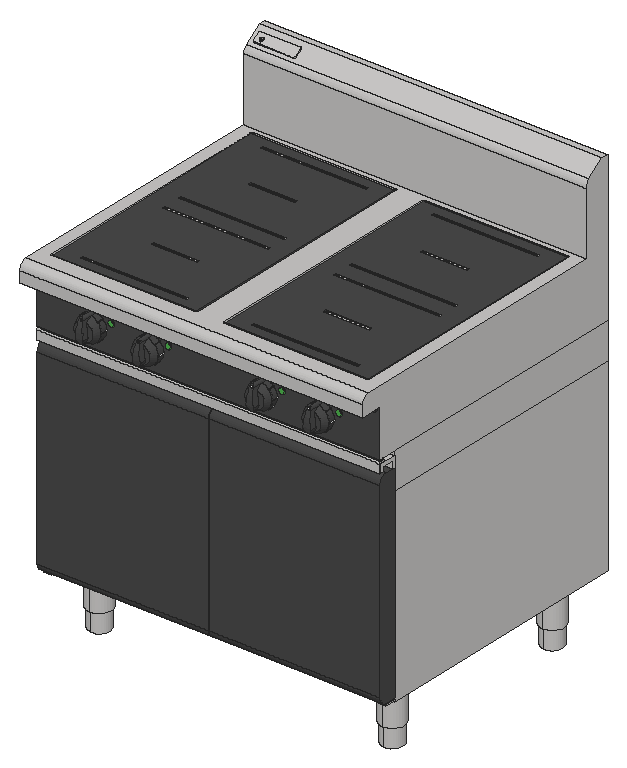
Revit family "QF_Moffat_INB8400R3-CD_Induction_Cooktop_cat", category Specialty Equipment, Revit 2019 (continued)
Definition of nested family "QF_LOGO_Waldorf"
  Lines and regions (mm)
    Split face 1
      outline origin (0, -1.881, 2.589) x (1, 0, 0) y (0, 0.809017, 0.587785)
        loop
          spline (35.637, 16.975) -> (35.523, 16.334) -> (35.41, 15.697) -> (35.296, 15.063) -> (35.182, 14.433) -> (35.068, 13.807) -> (34.954, 13.185) -> (34.84, 12.566) -> (34.726, 11.952) -> (34.612, 11.342) -> (34.497, 10.737) -> (34.383, 10.135) -> (34.269, 9.538)
          spline (34.269, 9.538) -> (34.138, 10.135) -> (34.008, 10.737) -> (33.877, 11.342) -> (33.746, 11.952) -> (33.616, 12.566) -> (33.485, 13.185) -> (33.354, 13.807) -> (33.224, 14.433) -> (33.093, 15.063) -> (32.963, 15.697) -> (32.833, 16.334) -> (32.703, 16.975)
          line (32.703, 16.975) -> (29.247, 16.975)
          spline (29.247, 16.975) -> (29.111, 16.334) -> (28.974, 15.697) -> (28.837, 15.063) -> (28.7, 14.433) -> (28.562, 13.807) -> (28.425, 13.185) -> (28.288, 12.566) -> (28.15, 11.952) -> (28.013, 11.342) -> (27.875, 10.737) -> (27.738, 10.135) -> (27.6, 9.538)
          spline (27.6, 9.538) -> (27.483, 10.135) -> (27.366, 10.737) -> (27.249, 11.342) -> (27.132, 11.952) -> (27.015, 12.566) -> (26.897, 13.185) -> (26.78, 13.807) -> (26.663, 14.433) -> (26.546, 15.063) -> (26.43, 15.697) -> (26.313, 16.334) -> (26.196, 16.975)
          line (26.196, 16.975) -> (22.129, 16.975)
    Split face 2
      outline origin (0, -1.881, 2.589) x (1, 0, 0) y (0, 0.809017, 0.587785)
        loop
          line (51.449, 5.728) -> (51.035, 6.606) -> (51.035, 11.169)
          spline (51.035, 11.169) -> (50.686, 12.42) -> (50.176, 13.224) -> (49.51, 13.708) -> (48.693, 13.995) -> (47.747, 14.152) -> (46.698, 14.207) -> (45.579, 14.186) -> (44.419, 14.114) -> (43.279, 13.929) -> (42.249, 13.481) -> (41.424, 12.614) -> (40.897, 11.169)
          line (40.897, 11.169) -> (44.617, 11.169) -> (44.988, 11.965)
          spline (44.988, 11.965) -> (47.294, 11.682) -> (46.856, 10.932) -> (45.527, 10.609) -> (43.858, 10.439) -> (42.259, 10.123) -> (41.078, 9.417) -> (40.563, 8.246) -> (40.689, 6.989) -> (41.407, 6.052) -> (42.774, 5.536) -> (44.847, 5.497) -> (47.306, 6.602)
          line (47.306, 6.602) -> (47.624, 5.728) -> (51.449, 5.728)
    Split face 3
      outline origin (0, -1.881, 2.589) x (1, 0, 0) y (0, 0.809017, 0.587785)
        loop
          line (47.264, 9.264) -> (44.938, 8.597)
          spline (44.938, 8.597) -> (44.508, 8.228) -> (44.402, 7.9) -> (44.548, 7.626) -> (44.877, 7.42) -> (45.317, 7.295) -> (45.797, 7.265) -> (46.252, 7.342) -> (46.65, 7.525) -> (46.971, 7.813) -> (47.194, 8.201) -> (47.298, 8.685) -> (47.264, 9.264)
    Split face 4
      outline origin (0, -1.881, 2.589) x (1, 0, 0) y (0, 0.809017, 0.587785)
        loop
          line (53.33, 16.975) -> (53.33, 5.728) -> (57.173, 5.728) -> (57.173, 16.975) -> (53.33, 16.975)
    Split face 5
      outline origin (0, -1.881, 2.589) x (1, 0, 0) y (0, 0.809017, 0.587785)
        loop
          line (65.795, 16.975) -> (65.795, 12.976)
          spline (65.795, 12.976) -> (63.839, 14.082) -> (62.087, 14.096) -> (60.633, 13.343) -> (59.574, 12.148) -> (58.99, 10.806) -> (58.867, 9.452) -> (59.156, 8.159) -> (59.81, 7) -> (60.786, 6.056) -> (62.111, 5.514) -> (63.868, 5.634) -> (66.137, 6.679)
          line (66.137, 6.679) -> (66.137, 5.728) -> (69.511, 5.728) -> (69.511, 16.975) -> (65.795, 16.975)
    Split face 6
      outline origin (0, -1.881, 2.589) x (1, 0, 0) y (0, 0.809017, 0.587785)
        loop
          spline (64.273, 7.499) -> (64.754, 7.57) -> (65.202, 7.777) -> (65.587, 8.106) -> (65.882, 8.535) -> (66.067, 9.034) -> (66.131, 9.57) -> (66.067, 10.106) -> (65.882, 10.605) -> (65.587, 11.034) -> (65.202, 11.363) -> (64.754, 11.57) -> (64.273, 11.64)
          spline (64.273, 11.64) -> (63.793, 11.57) -> (63.345, 11.363) -> (62.96, 11.034) -> (62.665, 10.605) -> (62.479, 10.106) -> (62.416, 9.57) -> (62.479, 9.034) -> (62.665, 8.535) -> (62.96, 8.106) -> (63.345, 7.777) -> (63.793, 7.57) -> (64.273, 7.499)
    Split face 7
      outline origin (0, -1.881, 2.589) x (1, 0, 0) y (0, 0.809017, 0.587785)
        loop
          spline (76.449, 5.305) -> (77.855, 5.457) -> (79.166, 5.901) -> (80.291, 6.607) -> (81.155, 7.527) -> (81.698, 8.599) -> (81.883, 9.749) -> (81.698, 10.899) -> (81.155, 11.97) -> (80.291, 12.891) -> (79.166, 13.597) -> (77.855, 14.041) -> (76.449, 14.192)
          spline (76.449, 14.192) -> (75.042, 14.041) -> (73.731, 13.597) -> (72.606, 12.891) -> (71.742, 11.97) -> (71.199, 10.899) -> (71.014, 9.749) -> (71.199, 8.599) -> (71.742, 7.527) -> (72.606, 6.607) -> (73.731, 5.901) -> (75.042, 5.457) -> (76.449, 5.305)
    Split face 8
      outline origin (0, -1.881, 2.589) x (1, 0, 0) y (0, 0.809017, 0.587785)
        loop
          spline (76.449, 7.654) -> (76.841, 7.725) -> (77.206, 7.934) -> (77.52, 8.267) -> (77.76, 8.701) -> (77.912, 9.206) -> (77.963, 9.749) -> (77.912, 10.291) -> (77.76, 10.796) -> (77.52, 11.23) -> (77.206, 11.563) -> (76.841, 11.772) -> (76.449, 11.843)
          spline (76.449, 11.843) -> (76.057, 11.772) -> (75.691, 11.563) -> (75.378, 11.23) -> (75.137, 10.796) -> (74.986, 10.291) -> (74.934, 9.749) -> (74.986, 9.206) -> (75.137, 8.701) -> (75.378, 8.267) -> (75.691, 7.934) -> (76.057, 7.725) -> (76.449, 7.654)
    Split face 9
      outline origin (0, -1.881, 2.589) x (1, 0, 0) y (0, 0.809017, 0.587785)
        loop
          line (86.998, 12.335) -> (86.998, 13.879) -> (83.479, 13.879) -> (83.479, 5.728) -> (87.312, 5.728) -> (87.312, 8.975)
          spline (87.312, 8.975) -> (87.364, 9.356) -> (87.458, 9.686) -> (87.594, 9.968) -> (87.769, 10.204) -> (87.982, 10.398) -> (88.229, 10.55) -> (88.509, 10.666) -> (88.82, 10.746) -> (89.16, 10.794) -> (89.525, 10.812) -> (89.915, 10.803) -> (90.327, 10.77)
          line (90.327, 10.77) -> (90.327, 14.113)
          spline (90.327, 14.113) -> (89.929, 14.127) -> (89.552, 14.111) -> (89.197, 14.066) -> (88.865, 13.991) -> (88.554, 13.887) -> (88.266, 13.754) -> (87.999, 13.591) -> (87.755, 13.399) -> (87.532, 13.177) -> (87.332, 12.926) -> (87.154, 12.645) -> (86.998, 12.335)
    Split face 10
      outline origin (0, -1.881, 2.589) x (1, 0, 0) y (0, 0.809017, 0.587785)
        loop
          line (92.082, 13.879) -> (90.894, 13.879) -> (90.894, 11.972) -> (92.082, 11.972) -> (92.082, 5.728) -> (95.871, 5.728) -> (95.871, 11.972) -> (97.5, 11.972) -> (97.5, 13.879) -> (95.871, 13.879)
          spline (95.871, 13.879) -> (95.843, 14.088) -> (95.845, 14.278) -> (95.877, 14.447) -> (95.939, 14.596) -> (96.03, 14.726) -> (96.151, 14.835) -> (96.301, 14.925) -> (96.482, 14.995) -> (96.692, 15.045) -> (96.931, 15.075) -> (97.201, 15.085) -> (97.5, 15.076)
          line (97.5, 15.076) -> (97.5, 17.266) -> (95.367, 17.266)
          spline (95.367, 17.266) -> (94.982, 17.253) -> (94.58, 17.21) -> (94.174, 17.132) -> (93.774, 17.013) -> (93.39, 16.846) -> (93.034, 16.627) -> (92.717, 16.349) -> (92.448, 16.007) -> (92.24, 15.595) -> (92.102, 15.106) -> (92.046, 14.537) -> (92.082, 13.879)
  Dimensions and locks
    equal spacing: plane 3 "LEFT", plane 7 "Center Y", plane 4 "RIGHT"
    "Length": plane 3 "LEFT" to plane 4 "RIGHT"
    equal spacing: plane 5 "FRONT", plane 8 "Center X", plane 1 "BACK"
    "Depth": plane 5 "FRONT" to plane 1 "BACK"
    "Height": plane 6 "TOP" to level
    plane 4 "RIGHT" to plane 3 "LEFT" = 138 mm
    aligned and locked: level to plane 2
  Automatic sketch dimensions
    Extrusion 1 sketch curve to plane 3 "LEFT" = 0 mm
    plane 3 "LEFT" to Extrusion 1 sketch curve = 4 mm  (x2)
    Extrusion 1 sketch curve to Extrusion 1 sketch curve = 10.75 mm
    Extrusion 1 sketch curve to Extrusion 1 sketch curve = 0.5 mm
    plane 4 "RIGHT" to Extrusion 1 sketch curve = 33 mm
    Extrusion 1 sketch curve to Extrusion 1 sketch curve = 0 mm  (x3)
    Extrusion 1 sketch curve to Extrusion 1 sketch curve = 4 mm
    Extrusion 1 sketch curve to Extrusion 1 sketch curve = 3.464 mm  (x3)
    Extrusion 1 sketch curve to Extrusion 1 sketch curve = 3.541 mm
    Extrusion 1 sketch curve to Extrusion 1 sketch curve = 4.325 mm
    Extrusion 1 sketch curve to Extrusion 1 sketch curve = 19.783 mm
    Extrusion 1 sketch curve to Extrusion 1 sketch curve = 7.592 mm
    plane 3 "LEFT" to Extrusion 2 sketch curve = 15.25 mm
    Extrusion 2 sketch curve to Extrusion 2 sketch curve = 4.325 mm
    plane 3 "LEFT" to Extrusion 3 sketch curve = 14.75 mm
    Extrusion 3 sketch curve to Extrusion 3 sketch curve = 4.325 mm
    Extrusion 1 to Split face 1 sketch curve = 6.879 mm
    Split face 1 sketch curve to Extrusion 1 = 5.728 mm
    Split face 1 sketch curve to Split face 1 sketch curve = 3.132 mm
    Split face 1 sketch curve to Split face 1 sketch curve = 4.068 mm
    Split face 1 sketch curve to Split face 1 sketch curve = 3.051 mm
    Split face 1 sketch curve to Split face 1 sketch curve = 4.203 mm
    Split face 1 sketch curve to Split face 1 sketch curve = 2.916 mm
    Split face 1 sketch curve to Split face 1 sketch curve = 3.456 mm
    Split face 1 sketch curve to Split face 1 sketch curve = 2.934 mm
    Split face 1 sketch curve to Split face 1 sketch curve = 4.131 mm
    Split face 1 sketch curve to Split face 1 sketch curve = 3.96 mm
    Split face 1 sketch curve to Split face 1 sketch curve = 0 mm  (x2)
    Split face 1 sketch curve to Extrusion 1 = 9.736 mm  (x2)
    Extrusion 1 to Split face 1 sketch curve = 6.337 mm
    Extrusion 1 to Split face 1 sketch curve = 6.231 mm
    Extrusion 1 to Split face 1 sketch curve = 3.184 mm
    Extrusion 1 to Split face 1 sketch curve = 13.135 mm
    Split face 1 sketch curve to Split face 1 sketch curve = 4.652 mm
    Split face 1 sketch curve to Split face 1 sketch curve = 3.593 mm
    Split face 1 sketch curve to Split face 1 sketch curve = 1.863 mm
    Split face 1 sketch curve to Split face 1 sketch curve = 0.713 mm
    Split face 1 sketch curve to Split face 1 sketch curve = 2.684 mm
    Split face 1 sketch curve to Split face 1 sketch curve = 3.294 mm
    Split face 1 sketch curve to Split face 1 sketch curve = 0.459 mm
    Split face 1 sketch curve to Split face 1 sketch curve = 2.775 mm
    Split face 1 sketch curve to Split face 1 sketch curve = 1.89 mm
    Split face 1 sketch curve to Split face 1 sketch curve = 0.685 mm
    Split face 1 sketch curve to Split face 1 sketch curve = 9.486 mm
    Split face 1 sketch curve to Split face 1 sketch curve = 16.213 mm
    Split face 1 sketch curve to Split face 1 sketch curve = 3.48 mm
    Split face 1 sketch curve to Split face 1 sketch curve = 4.918 mm
    Split face 1 sketch curve to Split face 1 sketch curve = 7.609 mm
    Split face 1 sketch curve to Split face 1 sketch curve = 0.01 mm  (x2)
    Split face 1 sketch curve to Split face 1 sketch curve = 0.002 mm
    Split face 2 sketch curve to Extrusion 1 = 11.169 mm
    Extrusion 1 to Split face 2 sketch curve = 25.647 mm
    Split face 2 sketch curve to Split face 2 sketch curve = 3.72 mm
    Split face 2 sketch curve to Extrusion 1 = 11.965 mm
    Split face 2 sketch curve to Split face 2 sketch curve = 0.371 mm
    Split face 2 sketch curve to Extrusion 1 = 6.602 mm
    Split face 2 sketch curve to Split face 2 sketch curve = 2.689 mm
    Split face 2 sketch curve to Split face 2 sketch curve = 0.318 mm
    Split face 2 sketch curve to Split face 2 sketch curve = 3.729 mm
    Split face 2 sketch curve to Split face 2 sketch curve = 0.414 mm
    Split face 2 sketch curve to Split face 2 sketch curve = 0.875 mm
    Split face 2 sketch curve to Split face 2 sketch curve = 0.878 mm
    Split face 3 sketch curve to Extrusion 1 = 8.597 mm
    Extrusion 1 to Split face 3 sketch curve = 29.688 mm
    Split face 3 sketch curve to Extrusion 1 = 9.264 mm
    Split face 3 sketch curve to Split face 3 sketch curve = 2.326 mm
    Split face 4 sketch curve to Extrusion 1 = 5.728 mm
    Extrusion 1 to Split face 4 sketch curve = 38.08 mm
    Split face 4 sketch curve to Split face 4 sketch curve = 3.843 mm
    Split face 4 sketch curve to Extrusion 1 = 9.736 mm
    Split face 5 sketch curve to Extrusion 1 = 9.736 mm
    Split face 5 sketch curve to Extrusion 1 = 43.205 mm
    Split face 5 sketch curve to Extrusion 1 = 6.679 mm
    Split face 5 sketch curve to Split face 5 sketch curve = 0.342 mm
    Split face 5 sketch curve to Split face 5 sketch curve = 3.375 mm
    Split face 5 sketch curve to Split face 5 sketch curve = 0.952 mm
    Split face 5 sketch curve to Split face 5 sketch curve = 3.998 mm
    Split face 6 sketch curve to Extrusion 1 = 7.499 mm
    Split face 6 sketch curve to Extrusion 1 = 44.727 mm
    Split face 6 sketch curve to Split face 6 sketch curve = 2.07 mm
    Split face 7 sketch curve to Extrusion 1 = 5.305 mm
    Split face 7 sketch curve to Extrusion 1 = 32.551 mm
    Split face 7 sketch curve to Split face 7 sketch curve = 4.443 mm
    Split face 8 sketch curve to Extrusion 1 = 7.654 mm
    Split face 8 sketch curve to Extrusion 1 = 32.551 mm
    Split face 8 sketch curve to Split face 8 sketch curve = 2.095 mm
    Split face 9 sketch curve to Extrusion 1 = 5.728 mm
    Split face 9 sketch curve to Extrusion 1 = 25.521 mm
    Split face 9 sketch curve to Split face 9 sketch curve = 3.519 mm
    Split face 9 sketch curve to Split face 9 sketch curve = 0.315 mm
    Split face 9 sketch curve to Split face 9 sketch curve = 3.33 mm
    Split face 9 sketch curve to Split face 9 sketch curve = 3.248 mm
    Split face 9 sketch curve to Split face 9 sketch curve = 1.795 mm
    Split face 9 sketch curve to Split face 9 sketch curve = 3.36 mm
    Split face 9 sketch curve to Split face 9 sketch curve = 1.545 mm
    Split face 9 sketch curve to Split face 9 sketch curve = 0.233 mm
    Split face 10 sketch curve to Extrusion 1 = 18.106 mm
    Split face 10 sketch curve to Split face 10 sketch curve = 1.188 mm  (x2)
    Split face 10 sketch curve to Split face 10 sketch curve = 3.285 mm
    Split face 10 sketch curve to Split face 10 sketch curve = 3.789 mm
    Split face 10 sketch curve to Split face 10 sketch curve = 0 mm  (x2)
    Split face 10 sketch curve to Split face 10 sketch curve = 1.629 mm
    Split face 10 sketch curve to Split face 10 sketch curve = 2.133 mm
    Split face 10 sketch curve to Extrusion 1 = 5.728 mm
    Split face 10 sketch curve to Split face 10 sketch curve = 6.245 mm
    Split face 10 sketch curve to Split face 10 sketch curve = 1.907 mm  (x2)
    Split face 10 sketch curve to Split face 10 sketch curve = 1.197 mm
    Split face 10 sketch curve to Split face 10 sketch curve = 2.19 mm
Definition of nested family "Knob"
  Parameters (values of type "Knob")
    Weight in Pounds = 0
    URL Cutsheet = ""
    Specification by User = ""
    Specification by Manufacturer = ""
    Serial Number = ""
    Seismic Rating = ""
    SMACNA No = ""
    Revision Code = ""
    NAFEM Spec ID Number = ""
    Masterspec = ""
    Length = 65 mm
    Item Number = ""
    Installed By = ""
    Identify Quantity as Lot = yes
    Height = 69.5 mm
    Furnished By = ""
    Foodservice Equipment Identifier = yes
    Depth = 59 mm
    CSI MasterFormat = ""
  Reference planes
    plane 1 "BACK": y = 0
    plane 2: z = 0
    plane 3 "LEFT": x = 0
    plane 4 "RIGHT": x = 65
    plane 5 "FRONT": y = -59
    plane 6 "TOP": z = 69.5
    plane 7 "Center Y": x = 32.5
    plane 8 "Center X": y = -29.5
  Forms (mm)
    Revolve 1, solid
      sketch origin (32.5, 175.397, 1219.2) x (0, 1, 0) y (0, 0, 1)
        loop
          line (-175.397, -1186.7) -> (-219.397, -1186.7) -> (-219.397, -1211.501) -> (-202.106, -1219.2) -> (-185.397, -1219.2) -> (-185.397, -1191.7) -> (-175.397, -1191.7) -> (-175.397, -1186.7)
        axis (-219.397, -1186.7) -> (-175.397, -1186.7)
      angle from 0 to 360
    Extrusion 2, solid
      sketch origin (32.5, 175.397, 1219.2) x (0, 1, 0) y (0, 0, 1)
        loop
          line (-202.106, -1154.2) -> (-185.397, -1154.2) -> (-185.397, -1149.7) -> (-224.105, -1149.7)
          arc (-224.105, -1149.7) -> (-233.965, -1178.467) -> (-230.696, -1208.7) r 70
          line (-230.696, -1208.7) -> (-219.397, -1208.7) -> (-219.397, -1161.899) -> (-202.106, -1154.2)
      from -15 to 15
    Extrusion 3, void
      sketch origin (0, 0, 0) x (1, 0, 0) y (0, 0, 1)
        loop
          line (27.501, 64.613) -> (22.02, 20.585)
          arc (22.02, 20.585) -> (32.792, 10.488) -> (42.986, 21.169) r 10.487
          line (42.986, 21.169) -> (37.499, 64.613)
          arc (37.499, 64.613) -> (32.5, 69.5) -> (27.501, 64.613) r 5
        loop
          line (10, 72.977) -> (10, 5.625) -> (55, 5.625) -> (55, 72.977) -> (10, 72.977)
      from 6.142 to 69.687
    Extrusion 4, solid
      sketch origin (0, -34.115, -16.916) x (1, 0, 0) y (0, 0.45399, 0.891007)
        loop
          circle (32.497, 65) r 2
      from 51.525 to 53.075
    Extrusion 5, solid
      sketch origin (32.5, -10, 32.5) x (0, 0, -1) y (-1, 0, 0)
        loop
          line (-23.54, -22.408) -> (-24.106, -22.974)
          arc (-24.106, -22.974) -> (-23.547, -23.547) -> (-22.974, -24.106) r 33.3
          line (-22.974, -24.106) -> (-22.408, -23.54)
          arc (-22.408, -23.54) -> (-22.981, -22.981) -> (-23.54, -22.408) r 32.5
        loop
          arc (-0.8, -33.29) -> (0, -33.3) -> (0.8, -33.29) r 33.3
          line (0.8, -33.29) -> (0.8, -32.49)
          arc (0.8, -32.49) -> (0, -32.5) -> (-0.8, -32.49) r 32.5
          line (-0.8, -32.49) -> (-0.8, -33.29)
        loop
          arc (23.54, -22.408) -> (22.981, -22.981) -> (22.408, -23.54) r 32.5
          line (22.408, -23.54) -> (22.974, -24.106)
          arc (22.974, -24.106) -> (23.547, -23.547) -> (24.106, -22.974) r 33.3
          line (24.106, -22.974) -> (23.54, -22.408)
        loop
          arc (-23.54, 22.408) -> (-22.981, 22.981) -> (-22.408, 23.54) r 32.5
          line (-22.408, 23.54) -> (-22.974, 24.106)
          arc (-22.974, 24.106) -> (-23.547, 23.547) -> (-24.106, 22.974) r 33.3
          line (-24.106, 22.974) -> (-23.54, 22.408)
        loop
          line (-0.8, 33.29) -> (-0.8, 32.49)
          arc (-0.8, 32.49) -> (0, 32.5) -> (0.8, 32.49) r 32.5
          line (0.8, 32.49) -> (0.8, 33.29)
          arc (0.8, 33.29) -> (0, 33.3) -> (-0.8, 33.29) r 33.3
        loop
          line (32.49, -0.8) -> (33.29, -0.8)
          arc (33.29, -0.8) -> (33.3, 0) -> (33.29, 0.8) r 33.3
          line (33.29, 0.8) -> (32.49, 0.8)
          arc (32.49, 0.8) -> (32.5, 0) -> (32.49, -0.8) r 32.5
        loop
          arc (24.106, 22.974) -> (23.547, 23.547) -> (22.974, 24.106) r 33.3
          line (22.974, 24.106) -> (22.408, 23.54)
          arc (22.408, 23.54) -> (22.981, 22.981) -> (23.54, 22.408) r 32.5
          line (23.54, 22.408) -> (24.106, 22.974)
      from 0 to -16.709
  Cuts and joins
    Extrusion 3 cuts Extrusion 2
  Dimensions and locks
    equal spacing: plane 3 "LEFT", plane 7 "Center Y", plane 4 "RIGHT"
    "Length": plane 3 "LEFT" to plane 4 "RIGHT"
    equal spacing: plane 5 "FRONT", plane 8 "Center X", plane 1 "BACK"
    "Depth": plane 5 "FRONT" to plane 1 "BACK"
    "Height": plane 6 "TOP" to level
    plane 4 "RIGHT" to plane 3 "LEFT" = 65 mm
    aligned and locked: level to plane 2
  Automatic sketch dimensions
    Revolve 1 sketch curve to level = 0 mm
    Revolve 1 sketch curve to plane 1 "BACK" = 0 mm  (x2)
    plane 1 "BACK" to Revolve 1 sketch curve = 10 mm
    plane 8 "Center X" to Revolve 1 sketch curve = 2.791 mm
    Revolve 1 sketch curve to plane 8 "Center X" = 14.5 mm
    level to Revolve 1 sketch curve = 7.699 mm
    level to Revolve 1 sketch curve = 27.5 mm
    Revolve 1 sketch curve to Revolve 1 sketch curve = 5 mm
    Revolve 1 sketch curve to Revolve 1 sketch curve = 35 mm
    Revolve 1 sketch curve to Revolve 1 sketch curve = 0 mm
    Extrusion 2 sketch curve to plane 6 "TOP" = 0 mm
    Extrusion 2 sketch curve to plane 5 "FRONT" = 3.702 mm
    Extrusion 2 sketch curve to plane 5 "FRONT" = 10.293 mm
    Extrusion 2 sketch curve to Extrusion 2 sketch curve = 11.298 mm
    plane 8 "Center X" to Extrusion 2 sketch curve = 2.791 mm
    plane 1 "BACK" to Extrusion 2 sketch curve = 10 mm
    Extrusion 2 sketch curve to plane 1 "BACK" = 11 mm
    Extrusion 2 sketch curve to plane 6 "TOP" = 4.5 mm
    Extrusion 2 sketch curve to plane 6 "TOP" = 12.199 mm
    level to Extrusion 2 sketch curve = 32.962 mm
    level to Extrusion 3 sketch curve = 5.625 mm
    Extrusion 3 sketch curve to plane 7 "Center Y" = 0 mm  (x2)
    Extrusion 3 sketch curve to plane 7 "Center Y" = 4.999 mm
    Extrusion 3 sketch curve to plane 7 "Center Y" = 10.48 mm
    plane 6 "TOP" to Extrusion 3 sketch curve = 3.477 mm
    plane 3 "LEFT" to Extrusion 3 sketch curve = 10 mm
    Extrusion 3 sketch curve to plane 6 "TOP" = 4.887 mm
    Extrusion 3 sketch curve to Extrusion 3 sketch curve = 4.999 mm
    plane 7 "Center Y" to Extrusion 3 sketch curve = 10.486 mm
    level to Extrusion 3 sketch curve = 20.585 mm
    Extrusion 3 sketch curve to Extrusion 3 sketch curve = 0.387 mm
    Extrusion 3 sketch curve to Extrusion 3 sketch curve = 0.113 mm
    plane 4 "RIGHT" to Extrusion 3 sketch curve = 10 mm
    Extrusion 5 sketch curve to Revolve 1 = 32.49 mm
    Revolve 1 to Extrusion 5 sketch curve = 32.49 mm
    Extrusion 5 sketch curve to Revolve 1 = 23.54 mm  (x2)
    Revolve 1 to Extrusion 5 sketch curve = 23.54 mm  (x2)
    Extrusion 5 sketch curve to Revolve 1 = 24.106 mm  (x2)
    Revolve 1 to Extrusion 5 sketch curve = 24.106 mm  (x2)
    Revolve 1 to Extrusion 5 sketch curve = 22.408 mm  (x2)
    Extrusion 5 sketch curve to Revolve 1 = 22.408 mm  (x2)
    Revolve 1 to Extrusion 5 sketch curve = 22.974 mm  (x2)
    Extrusion 5 sketch curve to Revolve 1 = 22.974 mm  (x2)
    Extrusion 5 sketch curve to Extrusion 5 sketch curve = 1.6 mm  (x2)
    Revolve 1 to Extrusion 5 sketch curve = 0.8 mm
    Extrusion 5 sketch curve to Revolve 1 = 0.8 mm
    Extrusion 4 sketch curve to plane 7 "Center Y" = 0.003 mm
    radius of Extrusion 5 sketch curve to Revolve 1 = 0 mm  (x7)
    radius of Revolve 1 to Extrusion 5 sketch curve = 0.8 mm  (x7)
    radius of Extrusion 4 sketch curve = 2 mm
Types (2, lengths in mm): name | Volts | Cycle | Apparent Power
  INB8400R3-CD_415/60/3 | 415 V | 60 Hz | 14359 VA
  INB8400R3-CD_400/50/3 | 400 V | 50 Hz | 13840 VA
